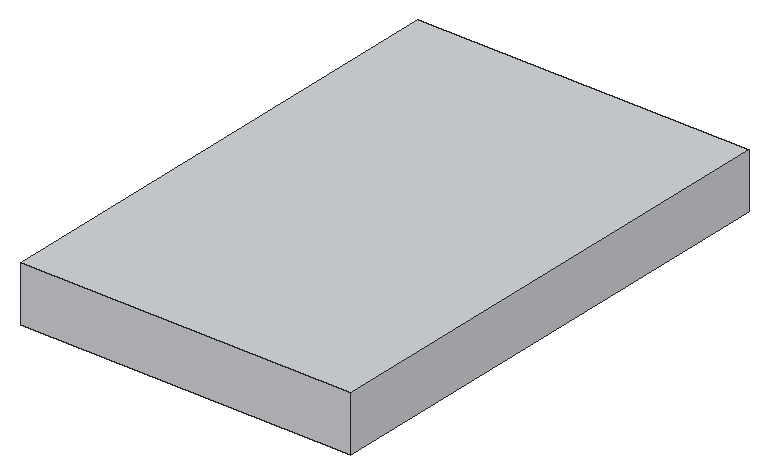
Revit family "Generico_LaMineral_900x600x100mm", category Modelos genéricos, Revit 2022
Family settings
  Pode hospedar o vergalhão = Não
  Cota do conector redondo = Utilizar diâmetro
  Tipo de parte = Normal
  Com base no plano de trabalho = Não
  Sempre na vertical = Sim
  Corte com vazios quando carregada = Não
  Manter orientação da anotação = Não
  Compartilhado = Não
  Ponto de cálculo do ambiente = Não
Parameters
  URL = "n/a"
  TransmissãoVaporÁgua = "MV2"
  TolerânciaEspessura = "T4 (20 á 100 mm)"
  Tipo de imagem = <Nenhum>
  Keynote = "n/a"
  MáximaTemperaturaServiço = "ST(+)250"
  Model = "n/a"
  LarguraNominal = 600 mm
  Manufacturer = "n/a"
  Elevação padrão = 0 mm
  DurabilidadeReaçãoFogoContraEnvelhecimentoDegradação = "Comportamento do fogo de lã mineral não\r\nvaria com o tempo."
  DurabilidadeReaçãoFogoContraAlturaTemperatura = "O comportamento ao fogo da lã mineral não se deteriora com a alta temperatura."
  DurabilidadeDaResistênciaTérmicaContraEnvelhecimentoDegradação = "Comportamento do fogo de lã mineral não\r\nProdutos de condutibilidade térmica de lã mineral não variam com o tempo,"
  Description = "n/a"
  Código de montagem = "B3010310"
  Custo = 0
  CondutibilidadeTérmica = "[10 °C, 0.04];[50 °C, 0.048];[20 °C, 0.095]"
  ComprimentoNominal = 899.745 mm
  Type Comments = "n/a"
  ClassificaçãoFogo = "A1"
  ClassificacaoSecclassPrVersao = "Julho 2022 - v1.14"
  ClassificacaoSecclassPrNumero = "Pr_25_57_06_53"
  ClassificacaoSecclassPrDescricao = "Isolamento de lã mineral"
  AlturaNominal = 100 mm
  AbsorçãoÁguaCurtoPrazo = "WS1"
Reference planes
  plane 1 "Center (Front/Back)": y = 0
  plane 2: z = 0
  plane 3 "Center (Left/Right)": x = 0
Forms (mm)
  Extrusion 1, solid, detail levels medium+fine
    sketch origin (0, 0, 0) x (1, 0, 0) y (0, 1, 0)
      loop
        line (-315.023, -327.766) -> (284.977, -327.766) -> (284.977, 571.979) -> (-315.023, 571.979) -> (-315.023, -327.766)
    from 0 to 100
Lines and regions (mm)
  model lines
    curve 1: line (284.977, 571.979, 0) -> (-315.023, 571.979, 0)
    curve 2: line (284.977, -327.766, 0) -> (284.977, 571.979, 0)
    curve 4: line (-315.023, 571.979, 0) -> (-315.023, -327.766, 0)
  model lines, detail levels coarse
    curve 3: line (-315.023, -327.766, 0) -> (284.977, -327.766, 0)
Dimensions and locks
  "ComprimentoNominal": Extrusion 1 to Extrusion 1
  "LarguraNominal": Extrusion 1 to Extrusion 1
  "AlturaNominal": Extrusion 1 to Extrusion 1
  aligned and locked: level to plane 2
Automatic sketch dimensions
  Extrusion 1 sketch curve to plane 3 "Center (Left/Right)" = 315.023 mm
  plane 3 "Center (Left/Right)" to Extrusion 1 sketch curve = 284.977 mm
  plane 1 "Center (Front/Back)" to Extrusion 1 sketch curve = 327.766 mm
  Extrusion 1 sketch curve to plane 1 "Center (Front/Back)" = 571.979 mm
  curve 1 to plane 3 "Center (Left/Right)" = 315.023 mm
  plane 3 "Center (Left/Right)" to curve 3 = 284.977 mm
  plane 1 "Center (Front/Back)" to curve 3 = 327.766 mm
  curve 2 to plane 1 "Center (Front/Back)" = 571.979 mm
